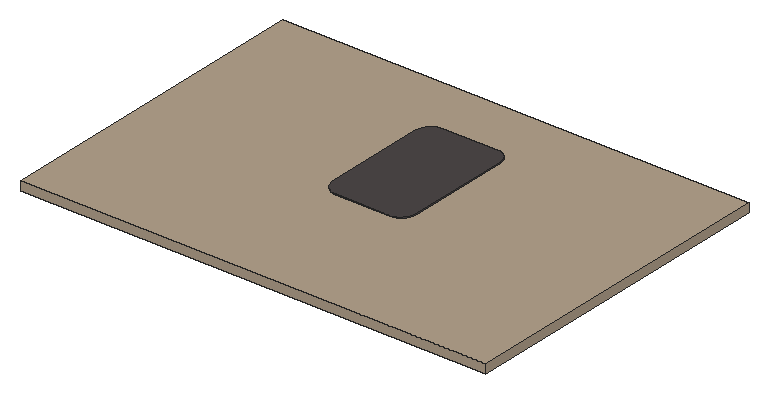
Revit family "console with cutout for bowl with tap hole", category Furniture, Revit 2019 (continued)
Definition of nested family "console 1360_550 with cutout left for bowl with tap hole-54123050-glossy_white-200_content"
  Parameters (values of type "Console 1360_550 with cutout left for bowl with tap hole-54123050-GLOSSY_WHITE-200_Content")
    ETIM = "EC011381 | Bathroom furniture set"
    Default Elevation = 1219.2 mm
    DESIGN = "Germany"
    ContentVisible [instance] = yes
    CATALOG = "Hansgrohe"
    BIMOBJECT = "Sanitary: Compound units"
    BASENUMBER = "Console 1360/550 with cutout left for bowl with tap hole"
    ARTNR = "54123050"
  Reference planes
    plane 1 "Center (Front/Back)": y = 0
    plane 2: z = 0
    plane 3 "Center (Left/Right)": x = 0
  Forms (mm)
    Extrusion 1, solid, visible <- "ContentVisible", detail levels medium+fine
      sketch origin (0, 0, 0.5) x (1, 0, 0) y (0, 1, 0)
        loop
          line (-340, 0) -> (-340, -550) -> (1020, -550) -> (1020, 0) -> (-340, 0)
      from 0 to 15
    Extrusion 2, solid, visible <- "ContentVisible", detail levels medium+fine
      sketch origin (0, 0, 0) x (1, 0, 0) y (0, 1, 0)
        loop
          line (-70, -120.5) -> (-70, -295.5)
          arc (-70, -295.5) -> (-62.678, -313.178) -> (-45, -320.5) r 25
          line (-45, -320.5) -> (45, -320.5)
          arc (45, -320.5) -> (62.678, -313.178) -> (70, -295.5) r 25
          line (70, -295.5) -> (70, -120.5)
          arc (70, -120.5) -> (62.678, -102.822) -> (45, -95.5) r 25
          line (45, -95.5) -> (-45, -95.5)
          arc (-45, -95.5) -> (-62.678, -102.822) -> (-70, -120.5) r 25
      from 0 to 16
    Extrusion 3, solid, visible <- "ContentVisible", detail levels coarse
      sketch origin (340, -275, 0) x (1, 0, 0) y (0, 1, 0)
        loop
          line (-680, -275) -> (680, -275) -> (680, 275) -> (-680, 275) -> (-680, -275)
      from 0 to 16
  Dimensions and locks
    aligned and locked: level to plane 2
Definition of nested family "console 1360_550 with cutout left for bowl with tap hole-54123050-glossy_white-400_content"
  Parameters (values of type "Console 1360_550 with cutout left for bowl with tap hole-54123050-GLOSSY_WHITE-400_Content")
    WEIGHT = "12.2"
    UNSPSC = "56 | Furniture and Furnishings"
    UNIFORMATII = "E2010 | Fixed Furnishings"
    UNICLASS2015 = "Pr_40_20_76_94 | Vanity units"
    SURFACE = "GLOSSY_WHITE"
    SPECIFICATION = "Surfaces:    - 54123050 High Gloss White  - 54123910 Diamond Matt Grey  - 54123230 Natural Oak  - 54123630 Dark Walnut      Specification:"
    REGIONSET = "Worldwide"
    PRODUCTURL = "https://pro.hansgrohe.com/articledetail--54123050"
    PRODUCTGROUP = "console"
    PRODUCTFAMILY = "Xelu Q"
    PERMALINK = "54123XXX"
    OMNICLASS = "23-19 31 17 11 | Bathroom Units"
    OBJECTTYPE = "Object (single object)"
    NN = "Console with cutout for bowl with tap hole"
    NBSYN = "$BASENUMBER.-$ARTNR.-$SURFACE.-$LODLEVEL."
    NB = "Console 1360/550 with cutout left for bowl with tap hole-54123050-GLOSSY_WHITE-400"
    NAME = "Xelu Q Console 1360/550 with cutout left for bowl with tap hole"
    Model = "Console 1360/550 with cutout left for bowl with tap hole-54123050-GLOSSY_WHITE-400"
    Manufacturer = "Hansgrohe"
    MASTERFORMAT = "12 35 30.23 | Bathroom Casework"
    LODLEVEL = "400"
    LL = 340
    LINA = "Console 1360/550 with cutout left for bowl with tap hole-54123050-GLOSSY_WHITE-400"
    L1 = 140
    L = 1360
    IFC = "Furnishing element"
    GTINCODE = "4059625457931"
    ETIM = "EC011381 | Bathroom furniture set"
    Default Elevation = 1219.2 mm
    DESIGN = "Germany"
    ContentVisible [instance] = yes
    CATALOG = "Hansgrohe"
    BIMOBJECT = "Sanitary: Compound units"
    BASENUMBER = "Console 1360/550 with cutout left for bowl with tap hole"
    ARTNR = "54123050"
  Reference planes
    plane 1 "Center (Front/Back)": y = 0
    plane 2: z = 0
    plane 3 "Center (Left/Right)": x = 0
  Forms (mm)
    Extrusion 1, solid, visible <- "ContentVisible", detail levels medium+fine
      sketch origin (0, 0, 0) x (1, 0, 0) y (0, 1, 0)
        loop
          line (-340, 0) -> (-340, -270.5) -> (-172, -270.5)
          arc (-172, -270.5) -> (-165, -263.5) -> (-158, -270.5) r 7
          line (-158, -270.5) -> (-70, -270.5) -> (-70, -120.5)
          arc (-70, -120.5) -> (-62.678, -102.822) -> (-45, -95.5) r 25
          line (-45, -95.5) -> (45, -95.5)
          arc (45, -95.5) -> (62.678, -102.822) -> (70, -120.5) r 25
          line (70, -120.5) -> (70, -270.5) -> (158, -270.5)
          arc (158, -270.5) -> (165, -263.5) -> (172, -270.5) r 7
          line (172, -270.5) -> (1020, -270.5) -> (1020, 0) -> (-340, 0)
      from 0 to 16
    Extrusion 2, solid, visible <- "ContentVisible", detail levels medium+fine
      sketch origin (0, 0, 0) x (1, 0, 0) y (0, 1, 0)
        loop
          line (-340, -270.5) -> (-340, -532)
          arc (-340, -532) -> (-334.728, -544.728) -> (-322, -550) r 18
          line (-322, -550) -> (1002, -550)
          arc (1002, -550) -> (1014.728, -544.728) -> (1020, -532) r 18
          line (1020, -532) -> (1020, -270.5) -> (172, -270.5)
          arc (172, -270.5) -> (165, -277.5) -> (158, -270.5) r 7
          line (158, -270.5) -> (70, -270.5) -> (70, -295.5)
          arc (70, -295.5) -> (62.678, -313.178) -> (45, -320.5) r 25
          line (45, -320.5) -> (-45, -320.5)
          arc (-45, -320.5) -> (-62.678, -313.178) -> (-70, -295.5) r 25
          line (-70, -295.5) -> (-70, -270.5) -> (-158, -270.5)
          arc (-158, -270.5) -> (-165, -277.5) -> (-172, -270.5) r 7
          line (-172, -270.5) -> (-340, -270.5)
      from 0 to 16
    Extrusion 3, solid, visible <- "ContentVisible", detail levels coarse
      sketch origin (340, -275, 0) x (1, 0, 0) y (0, 1, 0)
        loop
          line (-680, -275) -> (680, -275) -> (680, 275) -> (-680, 275) -> (-680, -275)
      from 0 to 16
  Dimensions and locks
    aligned and locked: level to plane 2
Definition of nested family "console 1360_550 with cutout left for bowl with tap hole-54123230-natural_oak-200_content"
  Parameters (values of type "Console 1360_550 with cutout left for bowl with tap hole-54123230-NATURAL_OAK-200_Content")
    WEIGHT = "12.2"
    UNSPSC = "56 | Furniture and Furnishings"
    UNIFORMATII = "E2010 | Fixed Furnishings"
    UNICLASS2015 = "Pr_40_20_76_94 | Vanity units"
    SURFACE = "NATURAL_OAK"
    SPECIFICATION = "Surfaces:    - 54123050 High Gloss White  - 54123910 Diamond Matt Grey  - 54123230 Natural Oak  - 54123630 Dark Walnut      Specification:"
    REGIONSET = "Worldwide"
    PRODUCTURL = "https://pro.hansgrohe.com/articledetail--54123050"
    PRODUCTGROUP = "console"
    PRODUCTFAMILY = "Xelu Q"
    PERMALINK = "54123XXX"
    OMNICLASS = "23-19 31 17 11 | Bathroom Units"
    OBJECTTYPE = "Object (single object)"
    NN = "Console with cutout for bowl with tap hole"
    NBSYN = "$BASENUMBER.-$ARTNR.-$SURFACE.-$LODLEVEL."
    NB = "Console 1360/550 with cutout left for bowl with tap hole-54123230-NATURAL_OAK-200"
    NAME = "Xelu Q Console 1360/550 with cutout left for bowl with tap hole"
    Model = "Console 1360/550 with cutout left for bowl with tap hole-54123230-NATURAL_OAK-200"
    Manufacturer = "Hansgrohe"
    MASTERFORMAT = "12 35 30.23 | Bathroom Casework"
    LODLEVEL = "200"
    LL = 340
    LINA = "Console 1360/550 with cutout left for bowl with tap hole-54123230-NATURAL_OAK-200"
    L1 = 140
    L = 1360
    IFC = "Furnishing element"
    GTINCODE = "4059625457931"
    ETIM = "EC011381 | Bathroom furniture set"
    Default Elevation = 1219.2 mm
    DESIGN = "Germany"
    ContentVisible [instance] = yes
    CATALOG = "Hansgrohe"
    BIMOBJECT = "Sanitary: Compound units"
    BASENUMBER = "Console 1360/550 with cutout left for bowl with tap hole"
    ARTNR = "54123230"
  Reference planes
    plane 1 "Center (Front/Back)": y = 0
    plane 2: z = 0
    plane 3 "Center (Left/Right)": x = 0
  Forms (mm)
    Extrusion 1, solid, visible <- "ContentVisible", detail levels medium+fine
      sketch origin (0, 0, 0.5) x (1, 0, 0) y (0, 1, 0)
        loop
          line (-340, 0) -> (-340, -550) -> (1020, -550) -> (1020, 0) -> (-340, 0)
      from 0 to 15
    Extrusion 2, solid, visible <- "ContentVisible", detail levels medium+fine
      sketch origin (0, 0, 0) x (1, 0, 0) y (0, 1, 0)
        loop
          line (-70, -120.5) -> (-70, -295.5)
          arc (-70, -295.5) -> (-62.678, -313.178) -> (-45, -320.5) r 25
          line (-45, -320.5) -> (45, -320.5)
          arc (45, -320.5) -> (62.678, -313.178) -> (70, -295.5) r 25
          line (70, -295.5) -> (70, -120.5)
          arc (70, -120.5) -> (62.678, -102.822) -> (45, -95.5) r 25
          line (45, -95.5) -> (-45, -95.5)
          arc (-45, -95.5) -> (-62.678, -102.822) -> (-70, -120.5) r 25
      from 0 to 16
    Extrusion 3, solid, visible <- "ContentVisible", detail levels coarse
      sketch origin (340, -275, 0) x (1, 0, 0) y (0, 1, 0)
        loop
          line (-680, -275) -> (680, -275) -> (680, 275) -> (-680, 275) -> (-680, -275)
      from 0 to 16
  Dimensions and locks
    aligned and locked: level to plane 2
Definition of nested family "console 1360_550 with cutout left for bowl with tap hole-54123230-natural_oak-400_content"
  Parameters (values of type "Console 1360_550 with cutout left for bowl with tap hole-54123230-NATURAL_OAK-400_Content")
    WEIGHT = "12.2"
    UNSPSC = "56 | Furniture and Furnishings"
    UNIFORMATII = "E2010 | Fixed Furnishings"
    UNICLASS2015 = "Pr_40_20_76_94 | Vanity units"
    SURFACE = "NATURAL_OAK"
    SPECIFICATION = "Surfaces:    - 54123050 High Gloss White  - 54123910 Diamond Matt Grey  - 54123230 Natural Oak  - 54123630 Dark Walnut      Specification:"
    REGIONSET = "Worldwide"
    PRODUCTURL = "https://pro.hansgrohe.com/articledetail--54123050"
    PRODUCTGROUP = "console"
    PRODUCTFAMILY = "Xelu Q"
    PERMALINK = "54123XXX"
    OMNICLASS = "23-19 31 17 11 | Bathroom Units"
    OBJECTTYPE = "Object (single object)"
    NN = "Console with cutout for bowl with tap hole"
    NBSYN = "$BASENUMBER.-$ARTNR.-$SURFACE.-$LODLEVEL."
    NB = "Console 1360/550 with cutout left for bowl with tap hole-54123230-NATURAL_OAK-400"
    NAME = "Xelu Q Console 1360/550 with cutout left for bowl with tap hole"
    Model = "Console 1360/550 with cutout left for bowl with tap hole-54123230-NATURAL_OAK-400"
    Manufacturer = "Hansgrohe"
    MASTERFORMAT = "12 35 30.23 | Bathroom Casework"
    LODLEVEL = "400"
    LL = 340
    LINA = "Console 1360/550 with cutout left for bowl with tap hole-54123230-NATURAL_OAK-400"
    L1 = 140
    L = 1360
    IFC = "Furnishing element"
    GTINCODE = "4059625457931"
    ETIM = "EC011381 | Bathroom furniture set"
    Default Elevation = 1219.2 mm
    DESIGN = "Germany"
    ContentVisible [instance] = yes
    CATALOG = "Hansgrohe"
    BIMOBJECT = "Sanitary: Compound units"
    BASENUMBER = "Console 1360/550 with cutout left for bowl with tap hole"
    ARTNR = "54123230"
  Reference planes
    plane 1 "Center (Front/Back)": y = 0
    plane 2: z = 0
    plane 3 "Center (Left/Right)": x = 0
  Forms (mm)
    Extrusion 1, solid, visible <- "ContentVisible", detail levels medium+fine
      sketch origin (0, 0, 0) x (1, 0, 0) y (0, 1, 0)
        loop
          line (-340, 0) -> (-340, -270.5) -> (-172, -270.5)
          arc (-172, -270.5) -> (-165, -263.5) -> (-158, -270.5) r 7
          line (-158, -270.5) -> (-70, -270.5) -> (-70, -120.5)
          arc (-70, -120.5) -> (-62.678, -102.822) -> (-45, -95.5) r 25
          line (-45, -95.5) -> (45, -95.5)
          arc (45, -95.5) -> (62.678, -102.822) -> (70, -120.5) r 25
          line (70, -120.5) -> (70, -270.5) -> (158, -270.5)
          arc (158, -270.5) -> (165, -263.5) -> (172, -270.5) r 7
          line (172, -270.5) -> (1020, -270.5) -> (1020, 0) -> (-340, 0)
      from 0 to 16
    Extrusion 2, solid, visible <- "ContentVisible", detail levels medium+fine
      sketch origin (0, 0, 0) x (1, 0, 0) y (0, 1, 0)
        loop
          line (-340, -270.5) -> (-340, -532)
          arc (-340, -532) -> (-334.728, -544.728) -> (-322, -550) r 18
          line (-322, -550) -> (1002, -550)
          arc (1002, -550) -> (1014.728, -544.728) -> (1020, -532) r 18
          line (1020, -532) -> (1020, -270.5) -> (172, -270.5)
          arc (172, -270.5) -> (165, -277.5) -> (158, -270.5) r 7
          line (158, -270.5) -> (70, -270.5) -> (70, -295.5)
          arc (70, -295.5) -> (62.678, -313.178) -> (45, -320.5) r 25
          line (45, -320.5) -> (-45, -320.5)
          arc (-45, -320.5) -> (-62.678, -313.178) -> (-70, -295.5) r 25
          line (-70, -295.5) -> (-70, -270.5) -> (-158, -270.5)
          arc (-158, -270.5) -> (-165, -277.5) -> (-172, -270.5) r 7
          line (-172, -270.5) -> (-340, -270.5)
      from 0 to 16
    Extrusion 3, solid, visible <- "ContentVisible", detail levels coarse
      sketch origin (340, -275, 0) x (1, 0, 0) y (0, 1, 0)
        loop
          line (-680, -275) -> (680, -275) -> (680, 275) -> (-680, 275) -> (-680, -275)
      from 0 to 16
  Dimensions and locks
    aligned and locked: level to plane 2
Definition of nested family "console 1360_550 with cutout left for bowl with tap hole-54123630-diamond_grey-200_content"
  Parameters (values of type "Console 1360_550 with cutout left for bowl with tap hole-54123630-DIAMOND_GREY-200_Content")
    WEIGHT = "12.2"
    UNSPSC = "56 | Furniture and Furnishings"
    UNIFORMATII = "E2010 | Fixed Furnishings"
    UNICLASS2015 = "Pr_40_20_76_94 | Vanity units"
    SURFACE = "DIAMOND_GREY"
    SPECIFICATION = "Surfaces:    - 54123050 High Gloss White  - 54123910 Diamond Matt Grey  - 54123230 Natural Oak  - 54123630 Dark Walnut      Specification:"
    REGIONSET = "Worldwide"
    PRODUCTURL = "https://pro.hansgrohe.com/articledetail--54123050"
    PRODUCTGROUP = "console"
    PRODUCTFAMILY = "Xelu Q"
    PERMALINK = "54123XXX"
    OMNICLASS = "23-19 31 17 11 | Bathroom Units"
    OBJECTTYPE = "Object (single object)"
    NN = "Console with cutout for bowl with tap hole"
    NBSYN = "$BASENUMBER.-$ARTNR.-$SURFACE.-$LODLEVEL."
    NB = "Console 1360/550 with cutout left for bowl with tap hole-54123630-DIAMOND_GREY-200"
    NAME = "Xelu Q Console 1360/550 with cutout left for bowl with tap hole"
    Model = "Console 1360/550 with cutout left for bowl with tap hole-54123630-DIAMOND_GREY-200"
    Manufacturer = "Hansgrohe"
    MASTERFORMAT = "12 35 30.23 | Bathroom Casework"
    LODLEVEL = "200"
    LL = 340
    LINA = "Console 1360/550 with cutout left for bowl with tap hole-54123630-DIAMOND_GREY-200"
    L1 = 140
    L = 1360
    IFC = "Furnishing element"
    GTINCODE = "4059625457931"
    ETIM = "EC011381 | Bathroom furniture set"
    Default Elevation = 1219.2 mm
    DESIGN = "Germany"
    ContentVisible [instance] = yes
    CATALOG = "Hansgrohe"
    BIMOBJECT = "Sanitary: Compound units"
    BASENUMBER = "Console 1360/550 with cutout left for bowl with tap hole"
    ARTNR = "54123630"
  Reference planes
    plane 1 "Center (Front/Back)": y = 0
    plane 2: z = 0
    plane 3 "Center (Left/Right)": x = 0
  Forms (mm)
    Extrusion 1, solid, visible <- "ContentVisible", detail levels medium+fine
      sketch origin (0, 0, 0.5) x (1, 0, 0) y (0, 1, 0)
        loop
          line (-340, 0) -> (-340, -550) -> (1020, -550) -> (1020, 0) -> (-340, 0)
      from 0 to 15
    Extrusion 2, solid, visible <- "ContentVisible", detail levels medium+fine
      sketch origin (0, 0, 0) x (1, 0, 0) y (0, 1, 0)
        loop
          line (-70, -120.5) -> (-70, -295.5)
          arc (-70, -295.5) -> (-62.678, -313.178) -> (-45, -320.5) r 25
          line (-45, -320.5) -> (45, -320.5)
          arc (45, -320.5) -> (62.678, -313.178) -> (70, -295.5) r 25
          line (70, -295.5) -> (70, -120.5)
          arc (70, -120.5) -> (62.678, -102.822) -> (45, -95.5) r 25
          line (45, -95.5) -> (-45, -95.5)
          arc (-45, -95.5) -> (-62.678, -102.822) -> (-70, -120.5) r 25
      from 0 to 16
    Extrusion 3, solid, visible <- "ContentVisible", detail levels coarse
      sketch origin (340, -275, 0) x (1, 0, 0) y (0, 1, 0)
        loop
          line (-680, -275) -> (680, -275) -> (680, 275) -> (-680, 275) -> (-680, -275)
      from 0 to 16
  Dimensions and locks
    aligned and locked: level to plane 2
Definition of nested family "console 1360_550 with cutout left for bowl with tap hole-54123630-diamond_grey-400_content"
  Parameters (values of type "Console 1360_550 with cutout left for bowl with tap hole-54123630-DIAMOND_GREY-400_Content")
    WEIGHT = "12.2"
    UNSPSC = "56 | Furniture and Furnishings"
    UNIFORMATII = "E2010 | Fixed Furnishings"
    UNICLASS2015 = "Pr_40_20_76_94 | Vanity units"
    SURFACE = "DIAMOND_GREY"
    SPECIFICATION = "Surfaces:    - 54123050 High Gloss White  - 54123910 Diamond Matt Grey  - 54123230 Natural Oak  - 54123630 Dark Walnut      Specification:"
    REGIONSET = "Worldwide"
    PRODUCTURL = "https://pro.hansgrohe.com/articledetail--54123050"
    PRODUCTGROUP = "console"
    PRODUCTFAMILY = "Xelu Q"
    PERMALINK = "54123XXX"
    OMNICLASS = "23-19 31 17 11 | Bathroom Units"
    OBJECTTYPE = "Object (single object)"
    NN = "Console with cutout for bowl with tap hole"
    NBSYN = "$BASENUMBER.-$ARTNR.-$SURFACE.-$LODLEVEL."
    NB = "Console 1360/550 with cutout left for bowl with tap hole-54123630-DIAMOND_GREY-400"
    NAME = "Xelu Q Console 1360/550 with cutout left for bowl with tap hole"
    Model = "Console 1360/550 with cutout left for bowl with tap hole-54123630-DIAMOND_GREY-400"
    Manufacturer = "Hansgrohe"
    MASTERFORMAT = "12 35 30.23 | Bathroom Casework"
    LODLEVEL = "400"
    LL = 340
    LINA = "Console 1360/550 with cutout left for bowl with tap hole-54123630-DIAMOND_GREY-400"
    L1 = 140
    L = 1360
    IFC = "Furnishing element"
    GTINCODE = "4059625457931"
    ETIM = "EC011381 | Bathroom furniture set"
    Default Elevation = 1219.2 mm
    DESIGN = "Germany"
    ContentVisible [instance] = yes
    CATALOG = "Hansgrohe"
    BIMOBJECT = "Sanitary: Compound units"
    BASENUMBER = "Console 1360/550 with cutout left for bowl with tap hole"
    ARTNR = "54123630"
  Reference planes
    plane 1 "Center (Front/Back)": y = 0
    plane 2: z = 0
    plane 3 "Center (Left/Right)": x = 0
  Forms (mm)
    Extrusion 1, solid, visible <- "ContentVisible", detail levels medium+fine
      sketch origin (0, 0, 0) x (1, 0, 0) y (0, 1, 0)
        loop
          line (-340, 0) -> (-340, -270.5) -> (-172, -270.5)
          arc (-172, -270.5) -> (-165, -263.5) -> (-158, -270.5) r 7
          line (-158, -270.5) -> (-70, -270.5) -> (-70, -120.5)
          arc (-70, -120.5) -> (-62.678, -102.822) -> (-45, -95.5) r 25
          line (-45, -95.5) -> (45, -95.5)
          arc (45, -95.5) -> (62.678, -102.822) -> (70, -120.5) r 25
          line (70, -120.5) -> (70, -270.5) -> (158, -270.5)
          arc (158, -270.5) -> (165, -263.5) -> (172, -270.5) r 7
          line (172, -270.5) -> (1020, -270.5) -> (1020, 0) -> (-340, 0)
      from 0 to 16
    Extrusion 2, solid, visible <- "ContentVisible", detail levels medium+fine
      sketch origin (0, 0, 0) x (1, 0, 0) y (0, 1, 0)
        loop
          line (-340, -270.5) -> (-340, -532)
          arc (-340, -532) -> (-334.728, -544.728) -> (-322, -550) r 18
          line (-322, -550) -> (1002, -550)
          arc (1002, -550) -> (1014.728, -544.728) -> (1020, -532) r 18
          line (1020, -532) -> (1020, -270.5) -> (172, -270.5)
          arc (172, -270.5) -> (165, -277.5) -> (158, -270.5) r 7
          line (158, -270.5) -> (70, -270.5) -> (70, -295.5)
          arc (70, -295.5) -> (62.678, -313.178) -> (45, -320.5) r 25
          line (45, -320.5) -> (-45, -320.5)
          arc (-45, -320.5) -> (-62.678, -313.178) -> (-70, -295.5) r 25
          line (-70, -295.5) -> (-70, -270.5) -> (-158, -270.5)
          arc (-158, -270.5) -> (-165, -277.5) -> (-172, -270.5) r 7
          line (-172, -270.5) -> (-340, -270.5)
      from 0 to 16
    Extrusion 3, solid, visible <- "ContentVisible", detail levels coarse
      sketch origin (340, -275, 0) x (1, 0, 0) y (0, 1, 0)
        loop
          line (-680, -275) -> (680, -275) -> (680, 275) -> (-680, 275) -> (-680, -275)
      from 0 to 16
  Dimensions and locks
    aligned and locked: level to plane 2
Definition of nested family "console 1360_550 with cutout left for bowl with tap hole-54123910-dark_walnut-200_content"
  Parameters (values of type "Console 1360_550 with cutout left for bowl with tap hole-54123910-DARK_WALNUT-200_Content")
    WEIGHT = "12.2"
    UNSPSC = "56 | Furniture and Furnishings"
    UNIFORMATII = "E2010 | Fixed Furnishings"
    UNICLASS2015 = "Pr_40_20_76_94 | Vanity units"
    SURFACE = "DARK_WALNUT"
    SPECIFICATION = "Surfaces:    - 54123050 High Gloss White  - 54123910 Diamond Matt Grey  - 54123230 Natural Oak  - 54123630 Dark Walnut      Specification:"
    REGIONSET = "Worldwide"
    PRODUCTURL = "https://pro.hansgrohe.com/articledetail--54123050"
    PRODUCTGROUP = "console"
    PRODUCTFAMILY = "Xelu Q"
    PERMALINK = "54123XXX"
    OMNICLASS = "23-19 31 17 11 | Bathroom Units"
    OBJECTTYPE = "Object (single object)"
    NN = "Console with cutout for bowl with tap hole"
    NBSYN = "$BASENUMBER.-$ARTNR.-$SURFACE.-$LODLEVEL."
    NB = "Console 1360/550 with cutout left for bowl with tap hole-54123910-DARK_WALNUT-200"
    NAME = "Xelu Q Console 1360/550 with cutout left for bowl with tap hole"
    Model = "Console 1360/550 with cutout left for bowl with tap hole-54123910-DARK_WALNUT-200"
    Manufacturer = "Hansgrohe"
    MASTERFORMAT = "12 35 30.23 | Bathroom Casework"
    LODLEVEL = "200"
    LL = 340
    LINA = "Console 1360/550 with cutout left for bowl with tap hole-54123910-DARK_WALNUT-200"
    L1 = 140
    L = 1360
    IFC = "Furnishing element"
    GTINCODE = "4059625457931"
    ETIM = "EC011381 | Bathroom furniture set"
    Default Elevation = 1219.2 mm
    DESIGN = "Germany"
    ContentVisible [instance] = yes
    CATALOG = "Hansgrohe"
    BIMOBJECT = "Sanitary: Compound units"
    BASENUMBER = "Console 1360/550 with cutout left for bowl with tap hole"
    ARTNR = "54123910"
  Reference planes
    plane 1 "Center (Front/Back)": y = 0
    plane 2: z = 0
    plane 3 "Center (Left/Right)": x = 0
  Forms (mm)
    Extrusion 1, solid, visible <- "ContentVisible", detail levels medium+fine
      sketch origin (0, 0, 0.5) x (1, 0, 0) y (0, 1, 0)
        loop
          line (-340, 0) -> (-340, -550) -> (1020, -550) -> (1020, 0) -> (-340, 0)
      from 0 to 15
    Extrusion 2, solid, visible <- "ContentVisible", detail levels medium+fine
      sketch origin (0, 0, 0) x (1, 0, 0) y (0, 1, 0)
        loop
          line (-70, -120.5) -> (-70, -295.5)
          arc (-70, -295.5) -> (-62.678, -313.178) -> (-45, -320.5) r 25
          line (-45, -320.5) -> (45, -320.5)
          arc (45, -320.5) -> (62.678, -313.178) -> (70, -295.5) r 25
          line (70, -295.5) -> (70, -120.5)
          arc (70, -120.5) -> (62.678, -102.822) -> (45, -95.5) r 25
          line (45, -95.5) -> (-45, -95.5)
          arc (-45, -95.5) -> (-62.678, -102.822) -> (-70, -120.5) r 25
      from 0 to 16
    Extrusion 3, solid, visible <- "ContentVisible", detail levels coarse
      sketch origin (340, -275, 0) x (1, 0, 0) y (0, 1, 0)
        loop
          line (-680, -275) -> (680, -275) -> (680, 275) -> (-680, 275) -> (-680, -275)
      from 0 to 16
  Dimensions and locks
    aligned and locked: level to plane 2
Definition of nested family "console 1360_550 with cutout left for bowl with tap hole-54123910-dark_walnut-400_content"
  Parameters (values of type "Console 1360_550 with cutout left for bowl with tap hole-54123910-DARK_WALNUT-400_Content")
    WEIGHT = "12.2"
    UNSPSC = "56 | Furniture and Furnishings"
    UNIFORMATII = "E2010 | Fixed Furnishings"
    UNICLASS2015 = "Pr_40_20_76_94 | Vanity units"
    SURFACE = "DARK_WALNUT"
    SPECIFICATION = "Surfaces:    - 54123050 High Gloss White  - 54123910 Diamond Matt Grey  - 54123230 Natural Oak  - 54123630 Dark Walnut      Specification:"
    REGIONSET = "Worldwide"
    PRODUCTURL = "https://pro.hansgrohe.com/articledetail--54123050"
    PRODUCTGROUP = "console"
    PRODUCTFAMILY = "Xelu Q"
    PERMALINK = "54123XXX"
    OMNICLASS = "23-19 31 17 11 | Bathroom Units"
    OBJECTTYPE = "Object (single object)"
    NN = "Console with cutout for bowl with tap hole"
    NBSYN = "$BASENUMBER.-$ARTNR.-$SURFACE.-$LODLEVEL."
    NB = "Console 1360/550 with cutout left for bowl with tap hole-54123910-DARK_WALNUT-400"
    NAME = "Xelu Q Console 1360/550 with cutout left for bowl with tap hole"
    Model = "Console 1360/550 with cutout left for bowl with tap hole-54123910-DARK_WALNUT-400"
    Manufacturer = "Hansgrohe"
    MASTERFORMAT = "12 35 30.23 | Bathroom Casework"
    LODLEVEL = "400"
    LL = 340
    LINA = "Console 1360/550 with cutout left for bowl with tap hole-54123910-DARK_WALNUT-400"
    L1 = 140
    L = 1360
    IFC = "Furnishing element"
    GTINCODE = "4059625457931"
    ETIM = "EC011381 | Bathroom furniture set"
    Default Elevation = 1219.2 mm
    DESIGN = "Germany"
    ContentVisible [instance] = yes
    CATALOG = "Hansgrohe"
    BIMOBJECT = "Sanitary: Compound units"
    BASENUMBER = "Console 1360/550 with cutout left for bowl with tap hole"
    ARTNR = "54123910"
  Reference planes
    plane 1 "Center (Front/Back)": y = 0
    plane 2: z = 0
    plane 3 "Center (Left/Right)": x = 0
  Forms (mm)
    Extrusion 1, solid, visible <- "ContentVisible", detail levels medium+fine
      sketch origin (0, 0, 0) x (1, 0, 0) y (0, 1, 0)
        loop
          line (-340, 0) -> (-340, -270.5) -> (-172, -270.5)
          arc (-172, -270.5) -> (-165, -263.5) -> (-158, -270.5) r 7
          line (-158, -270.5) -> (-70, -270.5) -> (-70, -120.5)
          arc (-70, -120.5) -> (-62.678, -102.822) -> (-45, -95.5) r 25
          line (-45, -95.5) -> (45, -95.5)
          arc (45, -95.5) -> (62.678, -102.822) -> (70, -120.5) r 25
          line (70, -120.5) -> (70, -270.5) -> (158, -270.5)
          arc (158, -270.5) -> (165, -263.5) -> (172, -270.5) r 7
          line (172, -270.5) -> (1020, -270.5) -> (1020, 0) -> (-340, 0)
      from 0 to 16
    Extrusion 2, solid, visible <- "ContentVisible", detail levels medium+fine
      sketch origin (0, 0, 0) x (1, 0, 0) y (0, 1, 0)
        loop
          line (-340, -270.5) -> (-340, -532)
          arc (-340, -532) -> (-334.728, -544.728) -> (-322, -550) r 18
          line (-322, -550) -> (1002, -550)
          arc (1002, -550) -> (1014.728, -544.728) -> (1020, -532) r 18
          line (1020, -532) -> (1020, -270.5) -> (172, -270.5)
          arc (172, -270.5) -> (165, -277.5) -> (158, -270.5) r 7
          line (158, -270.5) -> (70, -270.5) -> (70, -295.5)
          arc (70, -295.5) -> (62.678, -313.178) -> (45, -320.5) r 25
          line (45, -320.5) -> (-45, -320.5)
          arc (-45, -320.5) -> (-62.678, -313.178) -> (-70, -295.5) r 25
          line (-70, -295.5) -> (-70, -270.5) -> (-158, -270.5)
          arc (-158, -270.5) -> (-165, -277.5) -> (-172, -270.5) r 7
          line (-172, -270.5) -> (-340, -270.5)
      from 0 to 16
    Extrusion 3, solid, visible <- "ContentVisible", detail levels coarse
      sketch origin (340, -275, 0) x (1, 0, 0) y (0, 1, 0)
        loop
          line (-680, -275) -> (680, -275) -> (680, 275) -> (-680, 275) -> (-680, -275)
      from 0 to 16
  Dimensions and locks
    aligned and locked: level to plane 2
Definition of nested family "console 1360_550 with cutout right for bowl with tap hole-54124050-natural_oak-200_content"
  Parameters (values of type "Console 1360_550 with cutout right for bowl with tap hole-54124050-NATURAL_OAK-200_Content")
    WEIGHT = "12.2"
    UNSPSC = "56 | Furniture and Furnishings"
    UNIFORMATII = "E2010 | Fixed Furnishings"
    UNICLASS2015 = "Pr_40_20_76_94 | Vanity units"
    SURFACE = "NATURAL_OAK"
    SPECIFICATION = "Surfaces:    - 54124050 High Gloss White  - 54124910 Diamond Matt Grey  - 54124230 Natural Oak  - 54124630 Dark Walnut      Specification:"
    REGIONSET = "Worldwide"
    PRODUCTURL = "https://pro.hansgrohe.com/articledetail--54124050"
    PRODUCTGROUP = "console"
    PRODUCTFAMILY = "Xelu Q"
    PERMALINK = "54124XXX"
    OMNICLASS = "23-19 31 17 11 | Bathroom Units"
    OBJECTTYPE = "Object (single object)"
    NN = "Console with cutout for bowl with tap hole"
    NBSYN = "$BASENUMBER.-$ARTNR.-$SURFACE.-$LODLEVEL."
    NB = "Console 1360/550 with cutout right for bowl with tap hole-54124050-NATURAL_OAK-200"
    NAME = "Xelu Q Console 1360/550 with cutout right for bowl with tap hole"
    Model = "Console 1360/550 with cutout right for bowl with tap hole-54124050-NATURAL_OAK-200"
    Manufacturer = "Hansgrohe"
    MASTERFORMAT = "12 35 30.23 | Bathroom Casework"
    LODLEVEL = "200"
    LL = 1020
    LINA = "Console 1360/550 with cutout right for bowl with tap hole-54124050-NATURAL_OAK-200"
    L1 = 140
    L = 1360
    IFC = "Furnishing element"
    GTINCODE = "4059625457894"
    ETIM = "EC011381 | Bathroom furniture set"
    Default Elevation = 1219.2 mm
    DESIGN = "Germany"
    ContentVisible [instance] = yes
    CATALOG = "Hansgrohe"
    BIMOBJECT = "Sanitary: Compound units"
    BASENUMBER = "Console 1360/550 with cutout right for bowl with tap hole"
    ARTNR = "54124050"
  Reference planes
    plane 1 "Center (Front/Back)": y = 0
    plane 2: z = 0
    plane 3 "Center (Left/Right)": x = 0
  Forms (mm)
    Extrusion 1, solid, visible <- "ContentVisible", detail levels medium+fine
      sketch origin (0, 0, 0.5) x (1, 0, 0) y (0, 1, 0)
        loop
          line (-1020, 0) -> (-1020, -550) -> (340, -550) -> (340, 0) -> (-1020, 0)
      from 0 to 15
    Extrusion 2, solid, visible <- "ContentVisible", detail levels medium+fine
      sketch origin (0, 0, 0) x (1, 0, 0) y (0, 1, 0)
        loop
          line (-70, -120.5) -> (-70, -295.5)
          arc (-70, -295.5) -> (-62.678, -313.178) -> (-45, -320.5) r 25
          line (-45, -320.5) -> (45, -320.5)
          arc (45, -320.5) -> (62.678, -313.178) -> (70, -295.5) r 25
          line (70, -295.5) -> (70, -120.5)
          arc (70, -120.5) -> (62.678, -102.822) -> (45, -95.5) r 25
          line (45, -95.5) -> (-45, -95.5)
          arc (-45, -95.5) -> (-62.678, -102.822) -> (-70, -120.5) r 25
      from 0 to 16
    Extrusion 3, solid, visible <- "ContentVisible", detail levels coarse
      sketch origin (-340, -275, 0) x (1, 0, 0) y (0, 1, 0)
        loop
          line (-680, -275) -> (680, -275) -> (680, 275) -> (-680, 275) -> (-680, -275)
      from 0 to 16
  Dimensions and locks
    aligned and locked: level to plane 2
Definition of nested family "console 1360_550 with cutout right for bowl with tap hole-54124050-natural_oak-400_content"
  Parameters (values of type "Console 1360_550 with cutout right for bowl with tap hole-54124050-NATURAL_OAK-400_Content")
    WEIGHT = "12.2"
    UNSPSC = "56 | Furniture and Furnishings"
    UNIFORMATII = "E2010 | Fixed Furnishings"
    UNICLASS2015 = "Pr_40_20_76_94 | Vanity units"
    SURFACE = "NATURAL_OAK"
    SPECIFICATION = "Surfaces:    - 54124050 High Gloss White  - 54124910 Diamond Matt Grey  - 54124230 Natural Oak  - 54124630 Dark Walnut      Specification:"
    REGIONSET = "Worldwide"
    PRODUCTURL = "https://pro.hansgrohe.com/articledetail--54124050"
    PRODUCTGROUP = "console"
    PRODUCTFAMILY = "Xelu Q"
    PERMALINK = "54124XXX"
    OMNICLASS = "23-19 31 17 11 | Bathroom Units"
    OBJECTTYPE = "Object (single object)"
    NN = "Console with cutout for bowl with tap hole"
    NBSYN = "$BASENUMBER.-$ARTNR.-$SURFACE.-$LODLEVEL."
    NB = "Console 1360/550 with cutout right for bowl with tap hole-54124050-NATURAL_OAK-400"
    NAME = "Xelu Q Console 1360/550 with cutout right for bowl with tap hole"
    Model = "Console 1360/550 with cutout right for bowl with tap hole-54124050-NATURAL_OAK-400"
    Manufacturer = "Hansgrohe"
    MASTERFORMAT = "12 35 30.23 | Bathroom Casework"
    LODLEVEL = "400"
    LL = 1020
    LINA = "Console 1360/550 with cutout right for bowl with tap hole-54124050-NATURAL_OAK-400"
    L1 = 140
    L = 1360
    IFC = "Furnishing element"
    GTINCODE = "4059625457894"
    ETIM = "EC011381 | Bathroom furniture set"
    Default Elevation = 1219.2 mm
    DESIGN = "Germany"
    ContentVisible [instance] = yes
    CATALOG = "Hansgrohe"
    BIMOBJECT = "Sanitary: Compound units"
    BASENUMBER = "Console 1360/550 with cutout right for bowl with tap hole"
    ARTNR = "54124050"
  Reference planes
    plane 1 "Center (Front/Back)": y = 0
    plane 2: z = 0
    plane 3 "Center (Left/Right)": x = 0
  Forms (mm)
    Extrusion 1, solid, visible <- "ContentVisible", detail levels medium+fine
      sketch origin (0, 0, 0) x (1, 0, 0) y (0, 1, 0)
        loop
          line (-1020, 0) -> (-1020, -270.5) -> (-172, -270.5)
          arc (-172, -270.5) -> (-165, -263.5) -> (-158, -270.5) r 7
          line (-158, -270.5) -> (-70, -270.5) -> (-70, -120.5)
          arc (-70, -120.5) -> (-62.678, -102.822) -> (-45, -95.5) r 25
          line (-45, -95.5) -> (45, -95.5)
          arc (45, -95.5) -> (62.678, -102.822) -> (70, -120.5) r 25
          line (70, -120.5) -> (70, -270.5) -> (158, -270.5)
          arc (158, -270.5) -> (165, -263.5) -> (172, -270.5) r 7
          line (172, -270.5) -> (340, -270.5) -> (340, 0) -> (-1020, 0)
      from 0 to 16
    Extrusion 2, solid, visible <- "ContentVisible", detail levels medium+fine
      sketch origin (0, 0, 0) x (1, 0, 0) y (0, 1, 0)
        loop
          line (-1020, -270.5) -> (-1020, -532)
          arc (-1020, -532) -> (-1014.728, -544.728) -> (-1002, -550) r 18
          line (-1002, -550) -> (322, -550)
          arc (322, -550) -> (334.728, -544.728) -> (340, -532) r 18
          line (340, -532) -> (340, -270.5) -> (172, -270.5)
          arc (172, -270.5) -> (165, -277.5) -> (158, -270.5) r 7
          line (158, -270.5) -> (70, -270.5) -> (70, -295.5)
          arc (70, -295.5) -> (62.678, -313.178) -> (45, -320.5) r 25
          line (45, -320.5) -> (-45, -320.5)
          arc (-45, -320.5) -> (-62.678, -313.178) -> (-70, -295.5) r 25
          line (-70, -295.5) -> (-70, -270.5) -> (-158, -270.5)
          arc (-158, -270.5) -> (-165, -277.5) -> (-172, -270.5) r 7
          line (-172, -270.5) -> (-1020, -270.5)
      from 0 to 16
    Extrusion 3, solid, visible <- "ContentVisible", detail levels coarse
      sketch origin (-340, -275, 0) x (1, 0, 0) y (0, 1, 0)
        loop
          line (-680, -275) -> (680, -275) -> (680, 275) -> (-680, 275) -> (-680, -275)
      from 0 to 16
  Dimensions and locks
    aligned and locked: level to plane 2
Definition of nested family "console 1360_550 with cutout right for bowl with tap hole-54124230-diamond_grey-200_content"
  Parameters (values of type "Console 1360_550 with cutout right for bowl with tap hole-54124230-DIAMOND_GREY-200_Content")
    WEIGHT = "12.2"
    UNSPSC = "56 | Furniture and Furnishings"
    UNIFORMATII = "E2010 | Fixed Furnishings"
    UNICLASS2015 = "Pr_40_20_76_94 | Vanity units"
    SURFACE = "DIAMOND_GREY"
    SPECIFICATION = "Surfaces:    - 54124050 High Gloss White  - 54124910 Diamond Matt Grey  - 54124230 Natural Oak  - 54124630 Dark Walnut      Specification:"
    REGIONSET = "Worldwide"
    PRODUCTURL = "https://pro.hansgrohe.com/articledetail--54124050"
    PRODUCTGROUP = "console"
    PRODUCTFAMILY = "Xelu Q"
    PERMALINK = "54124XXX"
    OMNICLASS = "23-19 31 17 11 | Bathroom Units"
    OBJECTTYPE = "Object (single object)"
    NN = "Console with cutout for bowl with tap hole"
    NBSYN = "$BASENUMBER.-$ARTNR.-$SURFACE.-$LODLEVEL."
    NB = "Console 1360/550 with cutout right for bowl with tap hole-54124230-DIAMOND_GREY-200"
    NAME = "Xelu Q Console 1360/550 with cutout right for bowl with tap hole"
    Model = "Console 1360/550 with cutout right for bowl with tap hole-54124230-DIAMOND_GREY-200"
    Manufacturer = "Hansgrohe"
    MASTERFORMAT = "12 35 30.23 | Bathroom Casework"
    LODLEVEL = "200"
    LL = 1020
    LINA = "Console 1360/550 with cutout right for bowl with tap hole-54124230-DIAMOND_GREY-200"
    L1 = 140
    L = 1360
    IFC = "Furnishing element"
    GTINCODE = "4059625457894"
    ETIM = "EC011381 | Bathroom furniture set"
    Default Elevation = 1219.2 mm
    DESIGN = "Germany"
    ContentVisible [instance] = yes
    CATALOG = "Hansgrohe"
    BIMOBJECT = "Sanitary: Compound units"
    BASENUMBER = "Console 1360/550 with cutout right for bowl with tap hole"
    ARTNR = "54124230"
  Reference planes
    plane 1 "Center (Front/Back)": y = 0
    plane 2: z = 0
    plane 3 "Center (Left/Right)": x = 0
  Forms (mm)
    Extrusion 1, solid, visible <- "ContentVisible", detail levels medium+fine
      sketch origin (0, 0, 0.5) x (1, 0, 0) y (0, 1, 0)
        loop
          line (-1020, 0) -> (-1020, -550) -> (340, -550) -> (340, 0) -> (-1020, 0)
      from 0 to 15
    Extrusion 2, solid, visible <- "ContentVisible", detail levels medium+fine
      sketch origin (0, 0, 0) x (1, 0, 0) y (0, 1, 0)
        loop
          line (-70, -120.5) -> (-70, -295.5)
          arc (-70, -295.5) -> (-62.678, -313.178) -> (-45, -320.5) r 25
          line (-45, -320.5) -> (45, -320.5)
          arc (45, -320.5) -> (62.678, -313.178) -> (70, -295.5) r 25
          line (70, -295.5) -> (70, -120.5)
          arc (70, -120.5) -> (62.678, -102.822) -> (45, -95.5) r 25
          line (45, -95.5) -> (-45, -95.5)
          arc (-45, -95.5) -> (-62.678, -102.822) -> (-70, -120.5) r 25
      from 0 to 16
    Extrusion 3, solid, visible <- "ContentVisible", detail levels coarse
      sketch origin (-340, -275, 0) x (1, 0, 0) y (0, 1, 0)
        loop
          line (-680, -275) -> (680, -275) -> (680, 275) -> (-680, 275) -> (-680, -275)
      from 0 to 16
  Dimensions and locks
    aligned and locked: level to plane 2
Definition of nested family "console 1360_550 with cutout right for bowl with tap hole-54124230-diamond_grey-400_content"
  Parameters (values of type "Console 1360_550 with cutout right for bowl with tap hole-54124230-DIAMOND_GREY-400_Content")
    WEIGHT = "12.2"
    UNSPSC = "56 | Furniture and Furnishings"
    UNIFORMATII = "E2010 | Fixed Furnishings"
    UNICLASS2015 = "Pr_40_20_76_94 | Vanity units"
    SURFACE = "DIAMOND_GREY"
    SPECIFICATION = "Surfaces:    - 54124050 High Gloss White  - 54124910 Diamond Matt Grey  - 54124230 Natural Oak  - 54124630 Dark Walnut      Specification:"
    REGIONSET = "Worldwide"
    PRODUCTURL = "https://pro.hansgrohe.com/articledetail--54124050"
    PRODUCTGROUP = "console"
    PRODUCTFAMILY = "Xelu Q"
    PERMALINK = "54124XXX"
    OMNICLASS = "23-19 31 17 11 | Bathroom Units"
    OBJECTTYPE = "Object (single object)"
    NN = "Console with cutout for bowl with tap hole"
    NBSYN = "$BASENUMBER.-$ARTNR.-$SURFACE.-$LODLEVEL."
    NB = "Console 1360/550 with cutout right for bowl with tap hole-54124230-DIAMOND_GREY-400"
    NAME = "Xelu Q Console 1360/550 with cutout right for bowl with tap hole"
    Model = "Console 1360/550 with cutout right for bowl with tap hole-54124230-DIAMOND_GREY-400"
    Manufacturer = "Hansgrohe"
    MASTERFORMAT = "12 35 30.23 | Bathroom Casework"
    LODLEVEL = "400"
    LL = 1020
    LINA = "Console 1360/550 with cutout right for bowl with tap hole-54124230-DIAMOND_GREY-400"
    L1 = 140
    L = 1360
    IFC = "Furnishing element"
    GTINCODE = "4059625457894"
    ETIM = "EC011381 | Bathroom furniture set"
    Default Elevation = 1219.2 mm
    DESIGN = "Germany"
    ContentVisible [instance] = yes
    CATALOG = "Hansgrohe"
    BIMOBJECT = "Sanitary: Compound units"
    BASENUMBER = "Console 1360/550 with cutout right for bowl with tap hole"
    ARTNR = "54124230"
  Reference planes
    plane 1 "Center (Front/Back)": y = 0
    plane 2: z = 0
    plane 3 "Center (Left/Right)": x = 0
  Forms (mm)
    Extrusion 1, solid, visible <- "ContentVisible", detail levels medium+fine
      sketch origin (0, 0, 0) x (1, 0, 0) y (0, 1, 0)
        loop
          line (-1020, 0) -> (-1020, -270.5) -> (-172, -270.5)
          arc (-172, -270.5) -> (-165, -263.5) -> (-158, -270.5) r 7
          line (-158, -270.5) -> (-70, -270.5) -> (-70, -120.5)
          arc (-70, -120.5) -> (-62.678, -102.822) -> (-45, -95.5) r 25
          line (-45, -95.5) -> (45, -95.5)
          arc (45, -95.5) -> (62.678, -102.822) -> (70, -120.5) r 25
          line (70, -120.5) -> (70, -270.5) -> (158, -270.5)
          arc (158, -270.5) -> (165, -263.5) -> (172, -270.5) r 7
          line (172, -270.5) -> (340, -270.5) -> (340, 0) -> (-1020, 0)
      from 0 to 16
    Extrusion 2, solid, visible <- "ContentVisible", detail levels medium+fine
      sketch origin (0, 0, 0) x (1, 0, 0) y (0, 1, 0)
        loop
          line (-1020, -270.5) -> (-1020, -532)
          arc (-1020, -532) -> (-1014.728, -544.728) -> (-1002, -550) r 18
          line (-1002, -550) -> (322, -550)
          arc (322, -550) -> (334.728, -544.728) -> (340, -532) r 18
          line (340, -532) -> (340, -270.5) -> (172, -270.5)
          arc (172, -270.5) -> (165, -277.5) -> (158, -270.5) r 7
          line (158, -270.5) -> (70, -270.5) -> (70, -295.5)
          arc (70, -295.5) -> (62.678, -313.178) -> (45, -320.5) r 25
          line (45, -320.5) -> (-45, -320.5)
          arc (-45, -320.5) -> (-62.678, -313.178) -> (-70, -295.5) r 25
          line (-70, -295.5) -> (-70, -270.5) -> (-158, -270.5)
          arc (-158, -270.5) -> (-165, -277.5) -> (-172, -270.5) r 7
          line (-172, -270.5) -> (-1020, -270.5)
      from 0 to 16
    Extrusion 3, solid, visible <- "ContentVisible", detail levels coarse
      sketch origin (-340, -275, 0) x (1, 0, 0) y (0, 1, 0)
        loop
          line (-680, -275) -> (680, -275) -> (680, 275) -> (-680, 275) -> (-680, -275)
      from 0 to 16
  Dimensions and locks
    aligned and locked: level to plane 2
Definition of nested family "console 1360_550 with cutout right for bowl with tap hole-54124630-dark_walnut-200_content"
  Parameters (values of type "Console 1360_550 with cutout right for bowl with tap hole-54124630-DARK_WALNUT-200_Content")
    WEIGHT = "12.2"
    UNSPSC = "56 | Furniture and Furnishings"
    UNIFORMATII = "E2010 | Fixed Furnishings"
    UNICLASS2015 = "Pr_40_20_76_94 | Vanity units"
    SURFACE = "DARK_WALNUT"
    SPECIFICATION = "Surfaces:    - 54124050 High Gloss White  - 54124910 Diamond Matt Grey  - 54124230 Natural Oak  - 54124630 Dark Walnut      Specification:"
    REGIONSET = "Worldwide"
    PRODUCTURL = "https://pro.hansgrohe.com/articledetail--54124050"
    PRODUCTGROUP = "console"
    PRODUCTFAMILY = "Xelu Q"
    PERMALINK = "54124XXX"
    OMNICLASS = "23-19 31 17 11 | Bathroom Units"
    OBJECTTYPE = "Object (single object)"
    NN = "Console with cutout for bowl with tap hole"
    NBSYN = "$BASENUMBER.-$ARTNR.-$SURFACE.-$LODLEVEL."
    NB = "Console 1360/550 with cutout right for bowl with tap hole-54124630-DARK_WALNUT-200"
    NAME = "Xelu Q Console 1360/550 with cutout right for bowl with tap hole"
    Model = "Console 1360/550 with cutout right for bowl with tap hole-54124630-DARK_WALNUT-200"
    Manufacturer = "Hansgrohe"
    MASTERFORMAT = "12 35 30.23 | Bathroom Casework"
    LODLEVEL = "200"
    LL = 1020
    LINA = "Console 1360/550 with cutout right for bowl with tap hole-54124630-DARK_WALNUT-200"
    L1 = 140
    L = 1360
    IFC = "Furnishing element"
    GTINCODE = "4059625457894"
    ETIM = "EC011381 | Bathroom furniture set"
    Default Elevation = 1219.2 mm
    DESIGN = "Germany"
    ContentVisible [instance] = yes
    CATALOG = "Hansgrohe"
    BIMOBJECT = "Sanitary: Compound units"
    BASENUMBER = "Console 1360/550 with cutout right for bowl with tap hole"
    ARTNR = "54124630"
  Reference planes
    plane 1 "Center (Front/Back)": y = 0
    plane 2: z = 0
    plane 3 "Center (Left/Right)": x = 0
  Forms (mm)
    Extrusion 1, solid, visible <- "ContentVisible", detail levels medium+fine
      sketch origin (0, 0, 0.5) x (1, 0, 0) y (0, 1, 0)
        loop
          line (-1020, 0) -> (-1020, -550) -> (340, -550) -> (340, 0) -> (-1020, 0)
      from 0 to 15
    Extrusion 2, solid, visible <- "ContentVisible", detail levels medium+fine
      sketch origin (0, 0, 0) x (1, 0, 0) y (0, 1, 0)
        loop
          line (-70, -120.5) -> (-70, -295.5)
          arc (-70, -295.5) -> (-62.678, -313.178) -> (-45, -320.5) r 25
          line (-45, -320.5) -> (45, -320.5)
          arc (45, -320.5) -> (62.678, -313.178) -> (70, -295.5) r 25
          line (70, -295.5) -> (70, -120.5)
          arc (70, -120.5) -> (62.678, -102.822) -> (45, -95.5) r 25
          line (45, -95.5) -> (-45, -95.5)
          arc (-45, -95.5) -> (-62.678, -102.822) -> (-70, -120.5) r 25
      from 0 to 16
    Extrusion 3, solid, visible <- "ContentVisible", detail levels coarse
      sketch origin (-340, -275, 0) x (1, 0, 0) y (0, 1, 0)
        loop
          line (-680, -275) -> (680, -275) -> (680, 275) -> (-680, 275) -> (-680, -275)
      from 0 to 16
  Dimensions and locks
    aligned and locked: level to plane 2
Definition of nested family "console 1360_550 with cutout right for bowl with tap hole-54124630-dark_walnut-400_content"
  Parameters (values of type "Console 1360_550 with cutout right for bowl with tap hole-54124630-DARK_WALNUT-400_Content")
    WEIGHT = "12.2"
    UNSPSC = "56 | Furniture and Furnishings"
    UNIFORMATII = "E2010 | Fixed Furnishings"
    UNICLASS2015 = "Pr_40_20_76_94 | Vanity units"
    SURFACE = "DARK_WALNUT"
    SPECIFICATION = "Surfaces:    - 54124050 High Gloss White  - 54124910 Diamond Matt Grey  - 54124230 Natural Oak  - 54124630 Dark Walnut      Specification:"
    REGIONSET = "Worldwide"
    PRODUCTURL = "https://pro.hansgrohe.com/articledetail--54124050"
    PRODUCTGROUP = "console"
    PRODUCTFAMILY = "Xelu Q"
    PERMALINK = "54124XXX"
    OMNICLASS = "23-19 31 17 11 | Bathroom Units"
    OBJECTTYPE = "Object (single object)"
    NN = "Console with cutout for bowl with tap hole"
    NBSYN = "$BASENUMBER.-$ARTNR.-$SURFACE.-$LODLEVEL."
    NB = "Console 1360/550 with cutout right for bowl with tap hole-54124630-DARK_WALNUT-400"
    NAME = "Xelu Q Console 1360/550 with cutout right for bowl with tap hole"
    Model = "Console 1360/550 with cutout right for bowl with tap hole-54124630-DARK_WALNUT-400"
    Manufacturer = "Hansgrohe"
    MASTERFORMAT = "12 35 30.23 | Bathroom Casework"
    LODLEVEL = "400"
    LL = 1020
    LINA = "Console 1360/550 with cutout right for bowl with tap hole-54124630-DARK_WALNUT-400"
    L1 = 140
    L = 1360
    IFC = "Furnishing element"
    GTINCODE = "4059625457894"
    ETIM = "EC011381 | Bathroom furniture set"
    Default Elevation = 1219.2 mm
    DESIGN = "Germany"
    ContentVisible [instance] = yes
    CATALOG = "Hansgrohe"
    BIMOBJECT = "Sanitary: Compound units"
    BASENUMBER = "Console 1360/550 with cutout right for bowl with tap hole"
    ARTNR = "54124630"
  Reference planes
    plane 1 "Center (Front/Back)": y = 0
    plane 2: z = 0
    plane 3 "Center (Left/Right)": x = 0
  Forms (mm)
    Extrusion 1, solid, visible <- "ContentVisible", detail levels medium+fine
      sketch origin (0, 0, 0) x (1, 0, 0) y (0, 1, 0)
        loop
          line (-1020, 0) -> (-1020, -270.5) -> (-172, -270.5)
          arc (-172, -270.5) -> (-165, -263.5) -> (-158, -270.5) r 7
          line (-158, -270.5) -> (-70, -270.5) -> (-70, -120.5)
          arc (-70, -120.5) -> (-62.678, -102.822) -> (-45, -95.5) r 25
          line (-45, -95.5) -> (45, -95.5)
          arc (45, -95.5) -> (62.678, -102.822) -> (70, -120.5) r 25
          line (70, -120.5) -> (70, -270.5) -> (158, -270.5)
          arc (158, -270.5) -> (165, -263.5) -> (172, -270.5) r 7
          line (172, -270.5) -> (340, -270.5) -> (340, 0) -> (-1020, 0)
      from 0 to 16
    Extrusion 2, solid, visible <- "ContentVisible", detail levels medium+fine
      sketch origin (0, 0, 0) x (1, 0, 0) y (0, 1, 0)
        loop
          line (-1020, -270.5) -> (-1020, -532)
          arc (-1020, -532) -> (-1014.728, -544.728) -> (-1002, -550) r 18
          line (-1002, -550) -> (322, -550)
          arc (322, -550) -> (334.728, -544.728) -> (340, -532) r 18
          line (340, -532) -> (340, -270.5) -> (172, -270.5)
          arc (172, -270.5) -> (165, -277.5) -> (158, -270.5) r 7
          line (158, -270.5) -> (70, -270.5) -> (70, -295.5)
          arc (70, -295.5) -> (62.678, -313.178) -> (45, -320.5) r 25
          line (45, -320.5) -> (-45, -320.5)
          arc (-45, -320.5) -> (-62.678, -313.178) -> (-70, -295.5) r 25
          line (-70, -295.5) -> (-70, -270.5) -> (-158, -270.5)
          arc (-158, -270.5) -> (-165, -277.5) -> (-172, -270.5) r 7
          line (-172, -270.5) -> (-1020, -270.5)
      from 0 to 16
    Extrusion 3, solid, visible <- "ContentVisible", detail levels coarse
      sketch origin (-340, -275, 0) x (1, 0, 0) y (0, 1, 0)
        loop
          line (-680, -275) -> (680, -275) -> (680, 275) -> (-680, 275) -> (-680, -275)
      from 0 to 16
  Dimensions and locks
    aligned and locked: level to plane 2
Definition of nested family "console 1360_550 with cutout right for bowl with tap hole-54124910-glossy_white-200_content"
  Parameters (values of type "Console 1360_550 with cutout right for bowl with tap hole-54124910-GLOSSY_WHITE-200_Content")
    WEIGHT = "12.2"
    UNSPSC = "56 | Furniture and Furnishings"
    UNIFORMATII = "E2010 | Fixed Furnishings"
    UNICLASS2015 = "Pr_40_20_76_94 | Vanity units"
    SURFACE = "GLOSSY_WHITE"
    SPECIFICATION = "Surfaces:    - 54124050 High Gloss White  - 54124910 Diamond Matt Grey  - 54124230 Natural Oak  - 54124630 Dark Walnut      Specification:"
    REGIONSET = "Worldwide"
    PRODUCTURL = "https://pro.hansgrohe.com/articledetail--54124050"
    PRODUCTGROUP = "console"
    PRODUCTFAMILY = "Xelu Q"
    PERMALINK = "54124XXX"
    OMNICLASS = "23-19 31 17 11 | Bathroom Units"
    OBJECTTYPE = "Object (single object)"
    NN = "Console with cutout for bowl with tap hole"
    NBSYN = "$BASENUMBER.-$ARTNR.-$SURFACE.-$LODLEVEL."
    NB = "Console 1360/550 with cutout right for bowl with tap hole-54124910-GLOSSY_WHITE-200"
    NAME = "Xelu Q Console 1360/550 with cutout right for bowl with tap hole"
    Model = "Console 1360/550 with cutout right for bowl with tap hole-54124910-GLOSSY_WHITE-200"
    Manufacturer = "Hansgrohe"
    MASTERFORMAT = "12 35 30.23 | Bathroom Casework"
    LODLEVEL = "200"
    LL = 1020
    LINA = "Console 1360/550 with cutout right for bowl with tap hole-54124910-GLOSSY_WHITE-200"
    L1 = 140
    L = 1360
    IFC = "Furnishing element"
    GTINCODE = "4059625457894"
    ETIM = "EC011381 | Bathroom furniture set"
    Default Elevation = 1219.2 mm
    DESIGN = "Germany"
    ContentVisible [instance] = yes
    CATALOG = "Hansgrohe"
    BIMOBJECT = "Sanitary: Compound units"
    BASENUMBER = "Console 1360/550 with cutout right for bowl with tap hole"
    ARTNR = "54124910"
  Reference planes
    plane 1 "Center (Front/Back)": y = 0
    plane 2: z = 0
    plane 3 "Center (Left/Right)": x = 0
  Forms (mm)
    Extrusion 1, solid, visible <- "ContentVisible", detail levels medium+fine
      sketch origin (0, 0, 0.5) x (1, 0, 0) y (0, 1, 0)
        loop
          line (-1020, 0) -> (-1020, -550) -> (340, -550) -> (340, 0) -> (-1020, 0)
      from 0 to 15
    Extrusion 2, solid, visible <- "ContentVisible", detail levels medium+fine
      sketch origin (0, 0, 0) x (1, 0, 0) y (0, 1, 0)
        loop
          line (-70, -120.5) -> (-70, -295.5)
          arc (-70, -295.5) -> (-62.678, -313.178) -> (-45, -320.5) r 25
          line (-45, -320.5) -> (45, -320.5)
          arc (45, -320.5) -> (62.678, -313.178) -> (70, -295.5) r 25
          line (70, -295.5) -> (70, -120.5)
          arc (70, -120.5) -> (62.678, -102.822) -> (45, -95.5) r 25
          line (45, -95.5) -> (-45, -95.5)
          arc (-45, -95.5) -> (-62.678, -102.822) -> (-70, -120.5) r 25
      from 0 to 16
    Extrusion 3, solid, visible <- "ContentVisible", detail levels coarse
      sketch origin (-340, -275, 0) x (1, 0, 0) y (0, 1, 0)
        loop
          line (-680, -275) -> (680, -275) -> (680, 275) -> (-680, 275) -> (-680, -275)
      from 0 to 16
  Dimensions and locks
    aligned and locked: level to plane 2
Definition of nested family "console 1360_550 with cutout right for bowl with tap hole-54124910-glossy_white-400_content"
  Parameters (values of type "Console 1360_550 with cutout right for bowl with tap hole-54124910-GLOSSY_WHITE-400_Content")
    WEIGHT = "12.2"
    UNSPSC = "56 | Furniture and Furnishings"
    UNIFORMATII = "E2010 | Fixed Furnishings"
    UNICLASS2015 = "Pr_40_20_76_94 | Vanity units"
    SURFACE = "GLOSSY_WHITE"
    SPECIFICATION = "Surfaces:    - 54124050 High Gloss White  - 54124910 Diamond Matt Grey  - 54124230 Natural Oak  - 54124630 Dark Walnut      Specification:"
    REGIONSET = "Worldwide"
    PRODUCTURL = "https://pro.hansgrohe.com/articledetail--54124050"
    PRODUCTGROUP = "console"
    PRODUCTFAMILY = "Xelu Q"
    PERMALINK = "54124XXX"
    OMNICLASS = "23-19 31 17 11 | Bathroom Units"
    OBJECTTYPE = "Object (single object)"
    NN = "Console with cutout for bowl with tap hole"
    NBSYN = "$BASENUMBER.-$ARTNR.-$SURFACE.-$LODLEVEL."
    NB = "Console 1360/550 with cutout right for bowl with tap hole-54124910-GLOSSY_WHITE-400"
    NAME = "Xelu Q Console 1360/550 with cutout right for bowl with tap hole"
    Model = "Console 1360/550 with cutout right for bowl with tap hole-54124910-GLOSSY_WHITE-400"
    Manufacturer = "Hansgrohe"
    MASTERFORMAT = "12 35 30.23 | Bathroom Casework"
    LODLEVEL = "400"
    LL = 1020
    LINA = "Console 1360/550 with cutout right for bowl with tap hole-54124910-GLOSSY_WHITE-400"
    L1 = 140
    L = 1360
    IFC = "Furnishing element"
    GTINCODE = "4059625457894"
    ETIM = "EC011381 | Bathroom furniture set"
    Default Elevation = 1219.2 mm
    DESIGN = "Germany"
    ContentVisible [instance] = yes
    CATALOG = "Hansgrohe"
    BIMOBJECT = "Sanitary: Compound units"
    BASENUMBER = "Console 1360/550 with cutout right for bowl with tap hole"
    ARTNR = "54124910"
  Reference planes
    plane 1 "Center (Front/Back)": y = 0
    plane 2: z = 0
    plane 3 "Center (Left/Right)": x = 0
  Forms (mm)
    Extrusion 1, solid, visible <- "ContentVisible", detail levels medium+fine
      sketch origin (0, 0, 0) x (1, 0, 0) y (0, 1, 0)
        loop
          line (-1020, 0) -> (-1020, -270.5) -> (-172, -270.5)
          arc (-172, -270.5) -> (-165, -263.5) -> (-158, -270.5) r 7
          line (-158, -270.5) -> (-70, -270.5) -> (-70, -120.5)
          arc (-70, -120.5) -> (-62.678, -102.822) -> (-45, -95.5) r 25
          line (-45, -95.5) -> (45, -95.5)
          arc (45, -95.5) -> (62.678, -102.822) -> (70, -120.5) r 25
          line (70, -120.5) -> (70, -270.5) -> (158, -270.5)
          arc (158, -270.5) -> (165, -263.5) -> (172, -270.5) r 7
          line (172, -270.5) -> (340, -270.5) -> (340, 0) -> (-1020, 0)
      from 0 to 16
    Extrusion 2, solid, visible <- "ContentVisible", detail levels medium+fine
      sketch origin (0, 0, 0) x (1, 0, 0) y (0, 1, 0)
        loop
          line (-1020, -270.5) -> (-1020, -532)
          arc (-1020, -532) -> (-1014.728, -544.728) -> (-1002, -550) r 18
          line (-1002, -550) -> (322, -550)
          arc (322, -550) -> (334.728, -544.728) -> (340, -532) r 18
          line (340, -532) -> (340, -270.5) -> (172, -270.5)
          arc (172, -270.5) -> (165, -277.5) -> (158, -270.5) r 7
          line (158, -270.5) -> (70, -270.5) -> (70, -295.5)
          arc (70, -295.5) -> (62.678, -313.178) -> (45, -320.5) r 25
          line (45, -320.5) -> (-45, -320.5)
          arc (-45, -320.5) -> (-62.678, -313.178) -> (-70, -295.5) r 25
          line (-70, -295.5) -> (-70, -270.5) -> (-158, -270.5)
          arc (-158, -270.5) -> (-165, -277.5) -> (-172, -270.5) r 7
          line (-172, -270.5) -> (-1020, -270.5)
      from 0 to 16
    Extrusion 3, solid, visible <- "ContentVisible", detail levels coarse
      sketch origin (-340, -275, 0) x (1, 0, 0) y (0, 1, 0)
        loop
          line (-680, -275) -> (680, -275) -> (680, 275) -> (-680, 275) -> (-680, -275)
      from 0 to 16
  Dimensions and locks
    aligned and locked: level to plane 2
Definition of nested family "console 780_550 with cutout in the middle for bowls with tap hole-54120050-dark_walnut-200_content"
  Parameters (values of type "Console 780_550 with cutout in the middle for bowls with tap hole-54120050-DARK_WALNUT-200_Content")
    WEIGHT = "8.4"
    UNSPSC = "56 | Furniture and Furnishings"
    UNIFORMATII = "E2010 | Fixed Furnishings"
    UNICLASS2015 = "Pr_40_20_76_94 | Vanity units"
    SURFACE = "DARK_WALNUT"
    SPECIFICATION = "Surfaces:    - 54120050 High Gloss White  - 54120910 Diamond Matt Grey  - 54120230 Natural Oak  - 54120630 Dark Walnut      Specification:"
    REGIONSET = "Worldwide"
    PRODUCTURL = "https://pro.hansgrohe.com/articledetail--54120050"
    PRODUCTGROUP = "console"
    PRODUCTFAMILY = "Xelu Q"
    PERMALINK = "54120XXX"
    OMNICLASS = "23-19 31 17 11 | Bathroom Units"
    OBJECTTYPE = "Object (single object)"
    NN = "Console with cutout for bowl with tap hole"
    NBSYN = "$BASENUMBER.-$ARTNR.-$SURFACE.-$LODLEVEL."
    NB = "Console 780/550 with cutout in the middle for bowls with tap hole-54120050-DARK_WALNUT-200"
    NAME = "Xelu Q Console 780/550 with cutout in the middle for bowls with tap hole"
    Model = "Console 780/550 with cutout in the middle for bowls with tap hole-54120050-DARK_WALNUT-200"
    Manufacturer = "Hansgrohe"
    MASTERFORMAT = "12 35 30.23 | Bathroom Casework"
    LODLEVEL = "200"
    LL = 390
    LINA = "Console 780/550 with cutout in the middle for bowls with tap hole-54120050-DARK_WALNUT-200"
    L1 = 140
    L = 780
    IFC = "Furnishing element"
    GTINCODE = "4059625457658"
    ETIM = "EC011381 | Bathroom furniture set"
    Default Elevation = 1219.2 mm
    DESIGN = "Germany"
    ContentVisible [instance] = yes
    CATALOG = "Hansgrohe"
    BIMOBJECT = "Sanitary: Compound units"
    BASENUMBER = "Console 780/550 with cutout in the middle for bowls with tap hole"
    ARTNR = "54120050"
  Reference planes
    plane 1 "Center (Front/Back)": y = 0
    plane 2: z = 0
    plane 3 "Center (Left/Right)": x = 0
  Forms (mm)
    Extrusion 1, solid, visible <- "ContentVisible", detail levels medium+fine
      sketch origin (0, 0, 0.5) x (1, 0, 0) y (0, 1, 0)
        loop
          line (-390, 0) -> (-390, -550) -> (390, -550) -> (390, 0) -> (-390, 0)
      from 0 to 15
    Extrusion 2, solid, visible <- "ContentVisible", detail levels medium+fine
      sketch origin (0, 0, 0) x (1, 0, 0) y (0, 1, 0)
        loop
          line (-70, -120.5) -> (-70, -295.5)
          arc (-70, -295.5) -> (-62.678, -313.178) -> (-45, -320.5) r 25
          line (-45, -320.5) -> (45, -320.5)
          arc (45, -320.5) -> (62.678, -313.178) -> (70, -295.5) r 25
          line (70, -295.5) -> (70, -120.5)
